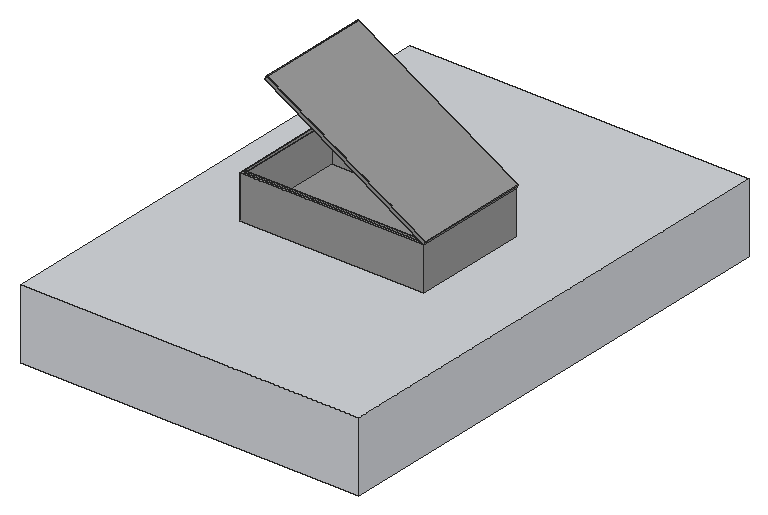
Revit family "Hager-Univers-IP44-D205-H500-Cl.II-Encl-NL-en", category Equipement électrique, Revit 2020
Family settings
  Hôte = Face
  Configuration du panneau = Deux colonnes, circuits au sein
  Cote de connecteur circulaire = Utiliser le diamètre
  Type d'élément = Tableau de raccordement
  Couper avec des vides une fois chargée = Non
  Partagée = Non
  Point de calcul de pièce = Non
Parameters (values of type "Surface mounted (plaster) IP44 W800 H500 D205  - FP33SN2")
  Width Control [instance] = if([EF000008 - Width] > Min Width, [EF000008 - Width], Min Width)  # 800 mm
  Commentaires du type = [HG000003 - Range]  # "Univers"
  Thickness Door [instance] = if([EF009171 - Material plate thickness door/cover] > 3 mm, 3 mm, [EF009171 - Material plate thickness door/cover])  # 1 mm
  Seal Frame Offset [instance] = 17 mm  # constant formula
  Plinth Visibility [instance] = [HG000027 - Plinth height] > 0 mm  # no
  Model = ""
  Min Width [instance] = 100 mm  # constant formula
  Min Height [instance] = 100 mm  # constant formula
  Min Depth [instance] = (2 * [EF009170 - Material plate thickness cabinet]) + 1 mm  # 3 mm
  Internal Frame Depth [instance] = (Door System Depth * 0.5)  # 9 mm
  Height Control [instance] = if([EF000040 - Height] > Min Height, [EF000040 - Height], Min Height)  # 500 mm
  HG000027 - Plinth height = 0 mm
  HG000026 - Floor standing = no
  HG000024 - Bottom section height = 800 mm
  HG000023 - Double section enclosure = no
  HG000016 - Door 3d visibility [instance] = yes
  HG000015 - Clearance visibility [instance] = no
  HG000014 - Door on the right [instance] = yes
  HG000013 - Door on the left [instance] = not([HG000014 - Door on the right])  # no
  HG000012 - Door swing angle [instance] = 30.00°
  HG000010 - Asymmetric doors = no
  HG000009 - Double swing door = no
  HG000006 - Flush mounted = no
  HG000004 - Manufacturer reference = "FP33SN2"
  HG000003 - Range = "Univers"
  HG000002 - With door or cover = yes
  Frame Offset Bottom [instance] = 10 mm  # constant formula
  Frame Offset [instance] = 15 mm  # constant formula
  EF015940 - Cover with overpressure release = no
  EF011959 - Degree of protection (NEMA) = ""
  EF009554 - Number of openings for flange plates = 6
  EF009212 - Cover model = "EV000116 - Closed"
  EF009171 - Material plate thickness door/cover = 1 mm
  EF009170 - Material plate thickness cabinet = 1 mm
  Fabricant = "Hager"  # constant formula
  EF008873 - Nominal current (In) = 250 A
  EF007800 - Suitable for lightning protection = no
  EF006306 - With lock = no
  EF006244 - Transparent cover/door = no
  EF005474 - Degree of protection (IP) = "EV006418 - IP44"
  EF004464 - Type of door = "EV002646 - Single"
  EF004427 - Number of modules = 108
  EF004293 - Impact strength = "EV006815 - IK09"
  EF003532 - Suitable for outdoor use = no
  EF002950 - Width in number of modular spacings = 36
  EF001613 - Circuit integrity = "EV000494 - None"
  EF001596 - Material housing = "EV000179 - Steel"
  EF001131 - Internal depth = 143 mm
  EF001088 - Extension possible = yes
  EF000437 - Number of conduit inlets = 6
  EF000339 - Type of cover = "EV001012 - Cover"
  EF000266 - Number of rows = 3
  EF000218 - Built-in depth = 205 mm
  EF000118 - With mounting plate = no
  EF000116 - RAL-number = "9010"
  EF000049 - Depth = 205 mm
  EF000040 - Height = 500 mm
  EF000008 - Width = 800 mm
  EF000007 - Colour = "EV000202 - White"
  EF000003 - Mounting method = "EV000384 - Surface mounted (plaster)"
  Door System Leaf Tolerance [instance] = 1.5 mm  # constant formula
  Door System Depth [instance] = 18 mm  # constant formula
  Door Height [instance] = Height Control - [HG000027 - Plinth height]  # 500 mm
  Depth Control [instance] = if([EF000049 - Depth] > Min Depth, [EF000049 - Depth], Min Depth)  # 205 mm
  Default Elevation = 0 mm
  Connector Offset [instance] = Height Control / 2  # 250 mm
  Bottom Top Plate Trim [instance] = 1.5 mm  # constant formula
  Plinth height Ctrl [instance] = if([HG000027 - Plinth height] > 0 mm, [HG000027 - Plinth height], 12 mm)  # 12 mm
Types (7, lengths in mm): name | Width Control | HG000009 - Double swing door | HG000004 - Manufacturer reference | EF009554 - Number of openings for flange plates | EF004464 - Type of door | EF004427 - Number of modules | EF002950 - Width in number of modular spacings | EF000437 - Number of conduit inlets | EF000218 - Built-in depth | EF000008 - Width
  Surface mounted (plaster) IP44 W1050 H500 D205  - FP34QS | 1050 | yes | "FP34QS" | 8 | "EV003602 - Double" | 144 | 48 | 8 | 0 | 1050
  Surface mounted (plaster) IP44 W1300 H500 D205  - FP35QS | 1300 | yes | "FP35QS" | 10 | "EV003602 - Double" | 180 | 60 | 10 | 0 | 1300
  Surface mounted (plaster) IP44 W300 H500 D205  - FP31QS | 300 | no | "FP31QS" | 2 | "EV002646 - Single" | 36 | 12 | 2 | 0 | 300
  Surface mounted (plaster) IP44 W550 H500 D205  - FP32QS | 550 | no | "FP32QS" | 4 | "EV002646 - Single" | 72 | 24 | 4 | 0 | 550
  Surface mounted (plaster) IP44 W550 H500 D205  - FP32SN2 | 550 | no | "FP32SN2" | 4 | "EV002646 - Single" | 72 | 24 | 4 | 205 | 550
  Surface mounted (plaster) IP44 W800 H500 D205  - FP33QS | 800 | no | "FP33QS" | 6 | "EV002646 - Single" | 108 | 36 | 6 | 0 | 800
  Surface mounted (plaster) IP44 W800 H500 D205  - FP33SN2 | 800 | no | "FP33SN2" | 6 | "EV002646 - Single" | 108 | 36 | 6 | 205 | 800
Reference planes
  plane 1 "Center (Front/Back)": y = 0
  plane 2: z = 0
  plane 3 "Center (Left/Right)": x = 0
  plane 4: z = 205
  plane 5: y = 1
  plane 6: y = 250
  plane 7: y = 0
  plane 8: y = 500
  plane 9: z = 0
  plane 10: x = -385
  plane 11: x = 385
  plane 12: x = 384
  plane 13: x = -384
  plane 14: y = 499
  plane 15: x = -383
  plane 16: x = -400
  plane 17: x = 383
  plane 18: x = 400
  plane 19: x = 399
  plane 20: x = -399
  plane 21: y = 11
  plane 22: y = 500
  plane 23: y = 484
  plane 24: z = 187
  plane 25: z = 1
  plane 26: z = 186
  plane 27: z = 204
Forms (mm)
  Extrusion 1, solid
    sketch origin (0, 0, 0) x (1, 0, 0) y (0, 1, 0)
      loop
        line (-702.964, 1305) -> (-702.964, -811.445) -> (766.763, -811.445) -> (766.763, 1305) -> (-702.964, 1305)
    from 0 to -304.8
  Extrusion 2, solid, material "Hager_Steel_RAL7035_Light_Grey", visible <- "Plinth Visibility", detail levels medium+fine
    sketch origin (0, 0, 0) x (1, 0, 0) y (0, 1, 0)
      loop
        line (-400, 0) -> (400, 0) -> (400, 12) -> (-400, 12) -> (-400, 0)
    from 0 to 187
  Extrusion 3, solid, material "Hager_Steel_RAL7035_Light_Grey", detail levels medium+fine
    sketch origin (0, 0, 0) x (1, 0, 0) y (0, 1, 0)
      loop
        line (-400, 0) -> (400, 0) -> (400, 500) -> (-400, 500) -> (-400, 0)
    from 0 to 187
  Extrusion 4, void
    sketch origin (0, 0, 0) x (1, 0, 0) y (0, 1, 0)
      loop
        line (-399, 1) -> (399, 1) -> (399, 499) -> (-399, 499) -> (-399, 1)
    from 1 to 186
  Extrusion 5, void
    sketch origin (-381.607, -4572, 187) x (0, -1, 0) y (-1, 0, 0)
      loop
        line (-4583, 2.393) -> (-5056, 2.393) -> (-5056, -765.607) -> (-4583, -765.607) -> (-4583, 2.393)
    from 0 to 1 <- "EF009170 - Material plate thickness cabinet"
  Extrusion 6, solid, material "Hager_Steel_RAL7035_Light_Grey", detail levels fine
    sketch origin (0, 0, 187) x (1, 0, 0) y (0, 1, 0)
      loop
        line (-384, 484) -> (-384, 11) -> (384, 11) -> (384, 484) -> (-384, 484)
      loop
        line (-385, 10) -> (385, 10) -> (385, 485) -> (-385, 485) -> (-385, 10)
    from 0 to 9 <- "Internal Frame Depth"
  Extrusion 7, solid, material "Hager_Steel_RAL7035_Light_Grey", detail levels coarse
    sketch origin (0, 0, 0) x (1, 0, 0) y (0, 1, 0)
      loop
        line (-400, 0) -> (400, 0) -> (400, 500) -> (-400, 500) -> (-400, 0)
    from 0 to 205
  Sweep 8, void
    path in 3D
      loop
        line (-400, 12, 0) -> (400, 12, 0) -> (400, 12, 187) -> (-400, 12, 187) -> (-400, 12, 0)
    profile origin (-400, 12, 93.5) x (-1, 0, 0) y (0, -1, 0)
      loop
        line (0, 0) -> (0, 1.5) -> (-1.5, 1.5)
        arc (-1.5, 1.5) -> (-1.061, 0.439) -> (0, 0) r 1.5
Cuts and joins
  Extrusion 4, Extrusion 5 cuts Extrusion 3
  Sweep 8 cuts Extrusion 2
Lines and regions (mm)
  Masking region 1
    outline origin (0, 0, 0) x (1, 0, 0) y (0, 0, 1)
      loop
        line (-400, 205) -> (-400, 0) -> (400, 0) -> (400, 205) -> (-400, 205)
  Masking region 2, detail levels medium+fine
    outline origin (0, 140, 0) x (0, 1, 0) y (0, 0, 1)
      loop
        line (-140, 0) -> (360, 0) -> (360, 187) -> (-140, 187) -> (-140, 0)
  Masking region 3, not visible, detail levels medium+fine
    outline origin (0, 297.922, 0) x (0, 1, 0) y (0, 0, 1)
      loop
        line (-36.422, 0) -> (3.578, 0) -> (3.578, 194)
        arc (3.578, 194) -> (0.649, 201.071) -> (-6.422, 204) r 10
        line (-6.422, 204) -> (-36.422, 204) -> (-36.422, 0)
  Masking region 4, detail levels coarse
    outline origin (0, 0, 180) x (0, 1, 0) y (0, 0, 1)
      loop
        line (0, -180) -> (500, -180) -> (500, 25) -> (0, 25) -> (0, -180)
  Masking region 5, visible <- "Plinth Visibility", detail levels medium+fine
    outline origin (0, 52.24, 12.345) x (0, 0, -1) y (0, 1, 0)
      loop
        line (10.845, -40.24) -> (-173.155, -40.24)
        arc (-173.155, -40.24) -> (-173.594, -41.301) -> (-174.655, -41.74) r 1.5
        line (-174.655, -41.74) -> (-174.655, -52.24) -> (12.345, -52.24) -> (12.345, -41.74)
        arc (12.345, -41.74) -> (11.285, -41.301) -> (10.845, -40.24) r 1.5
  Masking region 6, detail levels medium+fine
    outline origin (-381.607, -4572, 187) x (-1, 0, 0) y (0, -1, 0)
      loop
        line (18.393, -5072) -> (18.393, -4572) -> (-781.607, -4572) -> (-781.607, -5072) -> (18.393, -5072)
  Masking region 7, visible <- "Plinth Visibility", detail levels medium+fine
    outline origin (-381.607, -4727, 187) x (-1, 0, 0) y (0, -1, 0)
      loop
        arc (16.893, -4739) -> (17.332, -4737.939) -> (18.393, -4737.5) r 1.5
        line (18.393, -4737.5) -> (18.393, -4727) -> (-781.607, -4727) -> (-781.607, -4737.5)
        arc (-781.607, -4737.5) -> (-780.546, -4737.939) -> (-780.107, -4739) r 1.5
        line (-780.107, -4739) -> (16.893, -4739)
  Masking region 8, detail levels coarse
    outline origin (-442.548, -4669.526, 187) x (-1, 0, 0) y (0, -1, 0)
      loop
        line (-42.548, -5169.526) -> (-42.548, -4669.526) -> (-842.548, -4669.526) -> (-842.548, -5169.526) -> (-42.548, -5169.526)
  sketch lines
    curve 1: line (-400, 12, 187) -> (-400, 12, 0)
    curve 2: line (400, 12, 187) -> (-400, 12, 187)
    curve 3: line (400, 12, 187) -> (400, 12, 0)
    curve 4: line (-400, 12, 0) -> (400, 12, 0)
Dimensions and locks
  "Depth Control": plane 4 to Extrusion 1
  "HG000027 - Plinth height": plane 1 "Center (Front/Back)" to plane 7
  "EF009170 - Material plate thickness cabinet": plane 5 to plane 7
  locked: connector elem to plane 3 "Center (Left/Right)"
  equal spacing: plane 8, plane 6, plane 7
  locked: connector elem to plane 6
  "EF009170 - Material plate thickness cabinet": plane 8 to plane 14
  "EF009170 - Material plate thickness cabinet": plane 10 to plane 13
  "EF009170 - Material plate thickness cabinet": plane 12 to plane 11
  "Frame Offset": plane 20 to plane 13
  "Frame Offset": plane 12 to plane 19
  "EF009170 - Material plate thickness cabinet": plane 16 to plane 20
  "EF009170 - Material plate thickness cabinet": plane 19 to plane 18
  "Seal Frame Offset": plane 16 to plane 15
  "Seal Frame Offset": plane 17 to plane 18
  "Frame Offset Bottom": plane 21 to plane 5
  "Frame Offset": plane 14 to plane 23
  equal spacing: plane 16, plane 3 "Center (Left/Right)", plane 18
  "Width Control": plane 16 to plane 18
  "EF009170 - Material plate thickness cabinet": plane 4 to plane 27
  "EF009170 - Material plate thickness cabinet": plane 24 to plane 26
  "EF009170 - Material plate thickness cabinet": plane 25 to level
  "Door System Depth": plane 4 to plane 24
  "Height Control": plane 1 "Center (Front/Back)" to Extrusion 7 sketch curve
  "Height Control": Masking region 4 sketch curve to plane 1 "Center (Front/Back)"
  "Height Control": plane 1 "Center (Front/Back)" to plane 22
  "Bottom Top Plate Trim": profile plane to Sweep 8 sketch curve
  "Bottom Top Plate Trim": Sweep 8 sketch curve to profile plane
  "Plinth height Ctrl": plane 1 "Center (Front/Back)" to Extrusion 2 sketch curve
  "Plinth height Ctrl": Masking region 5 sketch curve to plane 1 "Center (Front/Back)"
  "Plinth height Ctrl": plane 1 "Center (Front/Back)" to Masking region 7 sketch curve
  "Thickness Door": Extrusion 6 sketch curve to Extrusion 6 sketch curve  (x3)
  "Thickness Door": cut or joined group of Extrusion 3, Extrusion 4, Extrusion 5 to Extrusion 6 sketch curve
  radius of Masking region 3 sketch curve = 10 mm
  "Bottom Top Plate Trim": radius of Masking region 5 sketch curve  (x2)
  "Bottom Top Plate Trim": radius of Sweep 8 sketch curve
  "Bottom Top Plate Trim": radius of Masking region 7 sketch curve  (x2)
  aligned and locked: plane 2 to Extrusion 1
  aligned and locked: level to Extrusion 1
  aligned and locked: level to Masking region 1 sketch curve
  aligned and locked: Masking region 1 sketch curve to plane 18
  aligned and locked: Masking region 1 sketch curve to plane 16
  aligned and locked: plane 7 to Masking region 2 sketch curve
  aligned and locked: level to Masking region 3 sketch curve
  aligned and locked: Masking region 3 sketch curve to plane 27
  aligned and locked: level to Masking region 2 sketch curve
  aligned and locked: plane 1 "Center (Front/Back)" to Extrusion 2 sketch curve
  aligned and locked: Extrusion 3 sketch curve to plane 7
  aligned and locked: plane 16 to Extrusion 3 sketch curve
  aligned and locked: plane 18 to Extrusion 3 sketch curve
  aligned and locked: plane 20 to Extrusion 4 sketch curve
  aligned and locked: plane 19 to Extrusion 4 sketch curve
  aligned and locked: Extrusion 4 sketch curve to plane 5
  aligned and locked: Extrusion 4 to plane 25
  aligned and locked: plane 26 to Extrusion 4
  aligned and locked: plane 24 to Extrusion 3
  aligned and locked: Extrusion 5 sketch curve to plane 21
  aligned and locked: Extrusion 5 sketch curve to plane 13
  aligned and locked: Extrusion 5 sketch curve to plane 12
  aligned and locked: plane 18 to Extrusion 7 sketch curve
  aligned and locked: plane 1 "Center (Front/Back)" to Extrusion 7 sketch curve
  aligned and locked: plane 16 to Extrusion 7 sketch curve
  aligned and locked: plane 4 to Extrusion 7
  aligned and locked: Extrusion 7 to level
  aligned and locked: level to Masking region 4 sketch curve
  aligned and locked: Masking region 4 sketch curve to plane 1 "Center (Front/Back)"
  aligned and locked: Masking region 4 sketch curve to plane 4
  aligned and locked: nested 1 to level
  aligned and locked: nested 1 to plane 16
  aligned and locked: plane 8 to Extrusion 3 sketch curve
  aligned and locked: plane 23 to Extrusion 5 sketch curve
  aligned and locked: plane 14 to Extrusion 4 sketch curve
  aligned and locked: Masking region 2 sketch curve to plane 8
  aligned and locked: level to Masking region 5 sketch curve
  aligned and locked: plane 16 to Extrusion 2 sketch curve
  aligned and locked: plane 18 to Extrusion 2 sketch curve
  aligned and locked: Masking region 5 sketch curve to plane 24
  aligned and locked: Masking region 2 sketch curve to plane 24
  aligned and locked: plane 24 to Extrusion 2
  aligned and locked: profile plane to Sweep 8 sketch curve  (x2)
  aligned and locked: Masking region 6 sketch curve to plane 18
  aligned and locked: Masking region 6 sketch curve to plane 22
  aligned and locked: Masking region 6 sketch curve to plane 16
  aligned and locked: plane 8 to plane 22
  aligned and locked: Masking region 6 sketch curve to plane 7
  aligned and locked: Masking region 7 sketch curve to plane 16
  aligned and locked: Masking region 7 sketch curve to plane 1 "Center (Front/Back)"
  aligned and locked: Masking region 7 sketch curve to plane 18
  aligned and locked: Masking region 8 sketch curve to plane 1 "Center (Front/Back)"
  aligned and locked: Masking region 8 sketch curve to plane 18
  aligned and locked: Masking region 8 sketch curve to plane 22
  aligned and locked: Masking region 8 sketch curve to plane 16
  aligned and locked: nested 2 to plane 7
  aligned and locked: plane 3 "Center (Left/Right)" to nested 2
  aligned and locked: nested 2 to plane 24
  aligned and locked: Extrusion 6 sketch curve to cut or joined group of Extrusion 3, Extrusion 4, Extrusion 5  (x4)
Automatic sketch dimensions
  Extrusion 1 sketch curve to Extrusion 1 sketch curve = 1469.727 mm
  Extrusion 1 sketch curve to Extrusion 1 sketch curve = 2116.445 mm
  Masking region 1 sketch curve to plane 4 = 0 mm
  plane 6 to Masking region 3 sketch curve = 11.5 mm
  Masking region 3 sketch curve to Masking region 3 sketch curve = 30 mm
  Masking region 5 sketch curve to plane 1 "Center (Front/Back)" = 0 mm
Nested families
  nested 1: "Hager_Enclosure_Symbol" at (-400, 0, 0) x (1, 0, 0) z (0, -1, 0), Height <- "Depth Control", Width <- "Width Control", type "Hager_Enclosure_Symbol"
    with Width_Ctrl 800 mm, Width 800 mm, Height_Ctrl 205 mm, Height 205 mm, A_Width_Int 13.453 mm, A_Width 161.438 mm, A_Height_Ctrl 179.375 mm, A_Height 179.375 mm
  nested 2: "EC000058_Univers_Door" at (0, 0, 187) x (1, 0, 0) z (0, 1, 0), Leaf_Tolerance <- "Door System Leaf Tolerance", Angle <- "HG000012 - Door swing angle", Door_Depth <- "Door System Depth", Door_Left <- "HG000013 - Door on the left", Transparent <- "EF006244 - Transparent cover/door", Assymetrical <- "HG000010 - Asymmetric doors", Width <- "Width Control", Clearance <- "HG000015 - Clearance visibility", Double <- "HG000009 - Double swing door", 3d_Door <- "HG000016 - Door 3d visibility", Lock_Visibility <- "EF006306 - With lock", Width_Ctrl <- "Width Control", Door_Right <- "HG000014 - Door on the right", Door <- "HG000002 - With door or cover", Height <- "Door Height", Thickness <- "Thickness Door", type "EC000058_Univers_Door", detail levels medium+fine
    with min_wh 3 mm, Width_Ctrl 800 mm, Width 800 mm, Transparent no, Thickness 1 mm, Seal_Material Hager_Rubber, Lock_Visibility no, Lock_Material Hager_Plastic_RAL9005_Jet_Black, Leaf_Width 800 mm, Leaf_Tolerance_External_Sides 0 mm, Leaf_Tolerance 1.5 mm, Leaf_Offset 0 mm, Leaf_Height 497 mm, Leaf_2_Width 800 mm, Leaf_2_Offset 400 mm, Leaf_1_Width 800 mm, Leaf_1_Offset 400 mm, Height_Ctrl 500 mm, Height 500 mm, Glass_Material Hager_Glass, Double_Clearance_Ctrl no, Double no, Door_Right_Ctrl yes, Door_Right yes, Door_Material Hager_Steel_RAL7035_Light_Grey, Door_Left_Ctrl no, Door_Left no, Door_Depth 18 mm, Door yes, Clearance_Material Hager_Clearance, Clearance_Depth 800 mm, Clearance_Ctrl no, Clearance no, Assymetrical no, Angle 30.00°, 3d_Door yes
Connectors
  electrical at (0, 250, 0)
    settings: on plane 9, index 1, voltage 0 V, apparent load 0 VA, apparent load phase1 0 VA, apparent load phase2 0 VA, apparent load phase3 0 VA, power factor 1, load classification "Other", number of poles 1, system type 30, power factor state 1, is connector primary yes, connector utility no, sub classification motor no, connector description ""
Definition of nested family "EC000058_Univers_Door"
  Parameters (values of type "EC000058_Univers_Door")
    min_wh [instance] = (2 * Thickness) + 1 mm  # 11 mm
    Width_Ctrl [instance] = 400 mm
    Width [instance] = 500 mm
    Transparent [instance] = yes
    Thickness [instance] = 5 mm
    Seal_Material [instance] = none
    Lock_Visibility [instance] = yes
    Lock_Material [instance] = none
    Leaf_Width [instance] = if((Width_Ctrl - 2 * Leaf_Tolerance_External_Sides) > 0 mm, (Width_Ctrl - 2 * Leaf_Tolerance_External_Sides), min_wh)  # 400 mm
    Leaf_Tolerance_External_Sides [instance] = 0 mm  # constant formula
    Leaf_Tolerance [instance] = 1.5 mm
    Leaf_Offset [instance] = 0 mm  # constant formula
    Leaf_Height [instance] = if((Height_Ctrl - 2 * Leaf_Tolerance) > 0 mm, (Height_Ctrl - 2 * Leaf_Tolerance), min_wh)  # 497 mm
    Leaf_2_Width [instance] = if(and(and(Double, Assymetrical), Door_Left), (Leaf_Width / 3) - (Leaf_Tolerance / 2), if(and(and(Double, Assymetrical), Door_Right), (Leaf_Width / 3) * 2 - (Leaf_Tolerance / 2), if(and(Double, not(Assymetrical)), (Leaf_Width / 2) - Leaf_Tolerance, Leaf_Width)))  # 400 mm
    Leaf_2_Offset [instance] = if(and(Double, Assymetrical), Leaf_2_Width / 2, if(and(Double, not(Assymetrical)), Leaf_Width / 4, Leaf_Width / 2))  # 200 mm
    Leaf_1_Width [instance] = if(and(and(Double, Assymetrical), Door_Right), (Leaf_Width / 3) - (Leaf_Tolerance / 2), if(and(and(Double, Assymetrical), Door_Left), (Width / 3) * 2 - (Leaf_Tolerance / 2), if(and(Double, not(Assymetrical)), (Leaf_Width / 2) - Leaf_Tolerance, Leaf_Width)))  # 400 mm
    Leaf_1_Offset [instance] = if(and(Double, Assymetrical), Leaf_1_Width / 2, if(and(Double, not(Assymetrical)), Leaf_Width / 4, Leaf_Width / 2))  # 200 mm
    Height_Ctrl [instance] = if(Height > min_wh, Height, min_wh)  # 500 mm
    Height [instance] = 500 mm
    Glass_Material [instance] = none
    Double_Clearance_Ctrl [instance] = and(Double, Clearance)  # no
    Double [instance] = no
    Door_Right_Ctrl [instance] = and(or(Door_Right, Double), Door)  # yes
    Door_Right [instance] = yes
    Door_Material [instance] = none
    Door_Left_Ctrl [instance] = and(or(Door_Left, Double), Door)  # no
    Door_Left [instance] = no
    Door_Depth [instance] = 30 mm
    Door [instance] = yes
    Default Elevation = 1219.2 mm
    Clearance_Material [instance] = none
    Clearance_Depth [instance] = if(Leaf_1_Width > Leaf_2_Width, Leaf_1_Width, Leaf_2_Width)  # 400 mm
    Clearance_Ctrl [instance] = and(not(Double), Clearance)  # yes
    Clearance [instance] = yes
    Assymetrical [instance] = yes
    Angle [instance] = 30.00°
    3d_Door [instance] = yes
  Reference planes
    plane 1 "Center (Front/Back)": y = 0
    plane 2 "Bottom": z = 0
    plane 3 "Center (Left/Right)": x = 0
    plane 4: z = 500
    plane 5: x = -200
    plane 6: x = 200
    plane 7: z = 500
    plane 8: x = -200
    plane 9: z = 0
    plane 10: x = 200
    plane 11: y = 0
    plane 12: z = 1.5
    plane 13: x = -600
    plane 14: y = -400
    plane 15: x = 600
    plane 16: x = 0
    plane 17: x = 0
    plane 18: x = -200
    plane 19: x = 200
    plane 20: z = 498.5
  Forms (mm)
    Extrusion 1, solid, material <- "Clearance_Material", visible <- "Double_Clearance_Ctrl"
      sketch origin (1200, 0, 0) x (1, 0, 0) y (0, 0, -1)
        loop
          line (-1800, -498.5) -> (-600, -498.5) -> (-600, 0) -> (-1800, 0) -> (-1800, -498.5)
      from 0 to -400
  Dimensions and locks
    equal spacing: plane 5, plane 3 "Center (Left/Right)", plane 6
    "Width_Ctrl": plane 5 to plane 6
    "Leaf_Offset": plane 5 to plane 8
    "Leaf_Offset": plane 6 to plane 10
    "Leaf_Offset": plane 9 to level
    "Leaf_Offset": plane 4 to plane 7
    "Height_Ctrl": plane 4 to level
    "Leaf_Tolerance": plane 12 to plane 9
    locked: plane 11 to plane 1 "Center (Front/Back)"
    "Leaf_1_Offset": plane 18 to plane 16
    "Leaf_2_Offset": plane 17 to plane 19
    "Leaf_1_Width": plane 13 to plane 8
    "Leaf_2_Width": plane 10 to plane 15
    "Clearance_Depth": plane 14 to plane 1 "Center (Front/Back)"
    "Leaf_Tolerance_External_Sides": plane 8 to plane 18
    "Leaf_Tolerance_External_Sides": plane 19 to plane 10
    "Leaf_Tolerance": plane 7 to plane 20
    aligned and locked: level to plane 2 "Bottom"
    aligned and locked: nested 1 to plane 16
    aligned and locked: nested 2 to plane 17
    aligned and locked: Extrusion 1 to plane 13
    aligned and locked: plane 15 to Extrusion 1
    aligned and locked: Extrusion 1 to plane 14
    aligned and locked: plane 12 to nested 1
    aligned and locked: nested 2 to plane 12
    aligned and locked: Extrusion 1 to plane 11
    aligned and locked: plane 20 to Extrusion 1
    aligned and locked: nested 2 to plane 11
    aligned and locked: nested 1 to plane 11
  Automatic sketch dimensions
    Extrusion 1 sketch curve to level = 0 mm
    plane 5 to Extrusion 1 sketch curve = 400 mm
    plane 6 to Extrusion 1 sketch curve = 400 mm
    Extrusion 1 sketch curve to plane 4 = 1.5 mm
  Nested families
    nested 1: "EC000058_Univers_Door_Leaf" at (0, 0, 1.5), Width <- "Leaf_1_Width", visible <- "Door_Left_Ctrl", Leaf_Height <- "Leaf_Height", Angle <- "Angle", 3d_Door <- "3d_Door", Transparent <- "Transparent", Clearance Material <- "Clearance_Material", Clearance <- "Clearance_Ctrl", Door_Material <- "Door_Material", Glass_Material <- "Glass_Material", Door_Depth <- "Door_Depth", Lock_Material <- "Lock_Material", Seal_Material <- "Seal_Material", Lock_Visibility <- "Lock_Visibility", Thickness <- "Thickness", type "EC000058_Univers_Door_Leaf"
      with Width 400 mm, Transparent_Glass_Offset 30 mm, Transparent_Ctrl yes, Transparent yes, Thickness 5 mm, Standard no, Seal_Material none, Seal_D2 8 mm, Seal_D1 1 mm, Offset_Internal_Frame 10 mm, Lock_Width 20 mm, Lock_Visibility_3d yes, Lock_Visibility yes, Lock_Thickness_3 3 mm, Lock_Thickness_2 1 mm, Lock_Thickness_1 3 mm, Lock_Radius_Offset_2 16 mm, Lock_Radius_Offset_1 15 mm, Lock_Radius_2 5 mm, Lock_Radius 6 mm, Lock_Offset 5 mm, Lock_Material none, Lock_Height 80 mm, Lock_Cover_Top_Offset_2d 17 mm, Lock_Cover_Height -65 mm, Leaf_Height 497 mm, Internal_Seal_Thickness 8 mm, Internal_Seal_Depth_2 4.5 mm, Internal_Frame_Depth 25 mm, Glass_Thickness -1 mm, Glass_Offset -2 mm, Glass_Material none, Door_Material none, Door_Depth 30 mm, Clearance Material none, Clearance yes, Angle_Ctrl 30.00°, Angle 30.00°, 3d_Door yes
    nested 2: "EC000058_Univers_Door_Leaf" at (0, 0, 1.5) x (-1, 0, 0) z (0, 0, 1), Width <- "Leaf_2_Width", visible <- "Door_Right_Ctrl", Leaf_Height <- "Leaf_Height", Angle <- "Angle", 3d_Door <- "3d_Door", Transparent <- "Transparent", Clearance Material <- "Clearance_Material", Clearance <- "Clearance_Ctrl", Door_Material <- "Door_Material", Glass_Material <- "Glass_Material", Door_Depth <- "Door_Depth", Lock_Material <- "Lock_Material", Seal_Material <- "Seal_Material", Lock_Visibility <- "Lock_Visibility", Thickness <- "Thickness", type "EC000058_Univers_Door_Leaf"
      with Width 400 mm, Transparent_Glass_Offset 30 mm, Transparent_Ctrl yes, Transparent yes, Thickness 5 mm, Standard no, Seal_Material none, Seal_D2 8 mm, Seal_D1 1 mm, Offset_Internal_Frame 10 mm, Lock_Width 20 mm, Lock_Visibility_3d yes, Lock_Visibility yes, Lock_Thickness_3 3 mm, Lock_Thickness_2 1 mm, Lock_Thickness_1 3 mm, Lock_Radius_Offset_2 16 mm, Lock_Radius_Offset_1 15 mm, Lock_Radius_2 5 mm, Lock_Radius 6 mm, Lock_Offset 5 mm, Lock_Material none, Lock_Height 80 mm, Lock_Cover_Top_Offset_2d 17 mm, Lock_Cover_Height -65 mm, Leaf_Height 497 mm, Internal_Seal_Thickness 8 mm, Internal_Seal_Depth_2 4.5 mm, Internal_Frame_Depth 25 mm, Glass_Thickness -1 mm, Glass_Offset -2 mm, Glass_Material none, Door_Material none, Door_Depth 30 mm, Clearance Material none, Clearance yes, Angle_Ctrl 30.00°, Angle 30.00°, 3d_Door yes
  Definition of nested family "EC000058_Univers_Door_Leaf"
    Parameters (values of type "EC000058_Univers_Door_Leaf")
      Width [instance] = 2000 mm
      Transparent_Glass_Offset [instance] = 30 mm
      Transparent_Ctrl [instance] = and(Transparent, [3d_Door])  # yes
      Transparent [instance] = yes
      Thickness [instance] = 5 mm
      Standard [instance] = and(not(Transparent), [3d_Door])  # no
      Seal_Material [instance] = none
      Seal_D2 [instance] = 8 mm  # constant formula
      Seal_D1 [instance] = 1 mm  # constant formula
      Offset_Internal_Frame [instance] = 10 mm  # constant formula
      Lock_Width [instance] = 20 mm  # constant formula
      Lock_Visibility_3d [instance] = and(Lock_Visibility, [3d_Door])  # yes
      Lock_Visibility [instance] = yes
      Lock_Thickness_3 [instance] = 3 mm  # constant formula
      Lock_Thickness_2 [instance] = 1 mm  # constant formula
      Lock_Thickness_1 [instance] = 3 mm  # constant formula
      Lock_Radius_Offset_2 [instance] = Lock_Radius_Offset_1 + 1 mm  # 16 mm
      Lock_Radius_Offset_1 [instance] = 15 mm  # constant formula
      Lock_Radius_2 [instance] = Lock_Radius - 1 mm  # 5 mm
      Lock_Radius [instance] = 6 mm  # constant formula
      Lock_Offset [instance] = 5 mm  # constant formula
      Lock_Material [instance] = none
      Lock_Height [instance] = 80 mm  # constant formula
      Lock_Cover_Top_Offset_2d [instance] = Lock_Radius_Offset_2 + 1 mm  # 17 mm
      Lock_Cover_Height [instance] = -(Lock_Height - Lock_Radius_Offset_1)  # -65 mm
      Leaf_Height [instance] = 2720.336 mm
      Internal_Seal_Thickness [instance] = 8 mm  # constant formula
      Internal_Seal_Depth_2 [instance] = 4.5 mm  # constant formula
      Internal_Frame_Depth [instance] = if(Door_Depth - Thickness > 5 mm, Door_Depth - Thickness, 5 mm)  # 25 mm
      Glass_Thickness [instance] = if(Thickness > 15 mm, Glass_Offset + 10 mm, -1 mm)  # -1 mm
      Glass_Offset [instance] = if(Thickness > 15 mm, -(Thickness + 10 mm) / 2, -2 mm)  # -2 mm
      Glass_Material [instance] = none
      Door_Material [instance] = none
      Door_Depth [instance] = 30 mm
      Default Elevation = 0 mm
      Clearance Material [instance] = none
      Clearance [instance] = yes
      Angle_Ctrl [instance] = if(Angle > 180.00°, 180.00°, Angle)  # 90.00°
      Angle [instance] = 90.00°
      3d_Door [instance] = yes
    Reference planes
      plane 1 "Center (Front/Back)": y = 0
      plane 2: z = 0
      plane 3 "Center (Left/Right)": x = 0
      plane 4: y = 2000
      plane 5: x = -1000
      plane 6: x = 1000
      plane 7: x = -3000
      plane 8: z = 2720.336
      plane 9: z = 30
      plane 10: z = 2690.336
      plane 11: x = 970
      plane 12: x = -970
      plane 13: y = -3
      plane 14: z = 107.833
      plane 15: y = -5
      plane 16: y = -223.314
      plane 17: x = -1000
      plane 18: z = 1360.168
      plane 19: y = 30
    Forms (mm)
      Extrusion 1, solid, material <- "Clearance Material", visible <- "Clearance"
        sketch origin (0, 0, 0) x (1, 0, 0) y (0, 0, 1)
          loop
            line (-3000, 2720.336) -> (-3000, 0) -> (1000, 0) -> (1000, 2720.336) -> (-3000, 2720.336)
        from 0 to -2000
      Extrusion 2, solid, material <- "Door_Material", visible <- "Standard", detail levels medium+fine
        sketch origin (-1000, 0, 0) x (0, 1, 0) y (-1, 0, 0)
          loop
            line (0, 30) -> (0, 25) -> (2000, 25) -> (2000, 30) -> (0, 30)
        from 0 to 2720.336 <- "Leaf_Height"
      Extrusion 3, solid, material <- "Door_Material", visible <- "Transparent_Ctrl", detail levels medium+fine
        sketch origin (-1000, 0, 0) x (0, 1, 0) y (-1, 0, 0)
          loop
            line (0, 25) -> (2000, 25) -> (2000, 30) -> (0, 30) -> (0, 25)
        from 0 to 2720.336 <- "Leaf_Height"
      Extrusion 4, void
        sketch origin (-1025, 2000, 0) x (0, 1, 0) y (0, 0, -1)
          loop
            line (-30, -2690.336) -> (-30, -30) -> (-1970, -30) -> (-1970, -2690.336) -> (-30, -2690.336)
        from 0 to 5 <- "Thickness"
      Sweep 5, solid, material <- "Seal_Material", visible <- "Transparent_Ctrl", detail levels fine
        path in 3D
          loop
            line (-1025, 30, 30) -> (-1025, 30, 2690.336) -> (-1025, 1970, 2690.336) -> (-1025, 1970, 30) -> (-1025, 30, 30)
        profile origin (-1025, 1000, 30) x (1, 0, 0) y (0, 0, 1)
          loop
            line (0, 0) -> (0, -8) -> (1, -8) -> (1, 0) -> (0, 0)
      Extrusion 6, solid, material <- "Glass_Material", visible <- "Transparent_Ctrl", detail levels medium+fine
        sketch origin (-1030, 0, 0) x (0, 1, 0) y (0, 0, -1)
          loop
            line (1970, -2690.336) -> (1970, -30) -> (30, -30) -> (30, -2690.336) -> (1970, -2690.336)
        from -2 <- "Glass_Offset" to -1 <- "Glass_Thickness"
      Extrusion 7, solid, material <- "Door_Material", visible <- "3d_Door", detail levels medium+fine
        sketch origin (-1025, 2000, 0) x (0, -1, 0) y (0, 0, -1)
          loop
            line (0, -2720.336) -> (2000, -2720.336) -> (2000, 0) -> (0, 0) -> (0, -2720.336)
          loop
            line (1995, -5) -> (5, -5) -> (5, -2715.336) -> (1995, -2715.336) -> (1995, -5)
        from 0 to 25 <- "Internal_Frame_Depth"
      Sweep 8, solid, material <- "Seal_Material", visible <- "Transparent_Ctrl", detail levels fine
        path in 3D
          loop
            line (-1025, 0, 0) -> (-1025, 2000, 0) -> (-1025, 2000, 2720.336) -> (-1025, 0, 2720.336) -> (-1025, 0, 0)
        profile origin (-1025, 0, 1360.168) x (1, 0, 0) y (0, 1, 0)
          loop
            line (0, 10) -> (2.975, 10)
            arc (2.975, 10) -> (4.053, 10.447) -> (4.5, 11.525) r 1.525
            line (4.5, 11.525) -> (4.5, 16.527)
            arc (4.5, 16.527) -> (4.069, 17.569) -> (3.027, 18) r 1.473
            line (3.027, 18) -> (0, 18) -> (0, 10)
      Extrusion 9, solid, material <- "Lock_Material", visible <- "Lock_Visibility_3d", detail levels fine
        sketch origin (-1030, 0, 0) x (0, 1, 0) y (0, 0, -1)
          loop
            arc (1993.5, -1400.168) -> (1994.561, -1399.729) -> (1995, -1398.668) r 1.5
            line (1995, -1398.668) -> (1995, -1320.168) -> (1975, -1320.168) -> (1975, -1398.668)
            arc (1975, -1398.668) -> (1975.439, -1399.729) -> (1976.5, -1400.168) r 1.5
            line (1976.5, -1400.168) -> (1993.5, -1400.168)
        from 3 <- "Lock_Thickness_1" to 0
      Blend 10, solid, material <- "Lock_Material", visible <- "Lock_Visibility_3d", detail levels fine
        base sketch origin (-1033, 0, 0) x (0, 1, 0) y (0, 0, -1)
          loop
            line (1975, -1320.168) -> (1975, -1398.668)
            arc (1975, -1398.668) -> (1975.439, -1399.729) -> (1976.5, -1400.168) r 1.5
            line (1976.5, -1400.168) -> (1993.5, -1400.168)
            arc (1993.5, -1400.168) -> (1994.561, -1399.729) -> (1995, -1398.668) r 1.5
            line (1995, -1398.668) -> (1995, -1320.168) -> (1975, -1320.168)
        top sketch origin (-1033, 0, 0) x (0, 1, 0) y (0, 0, -1)
          loop
            line (1976, -1320.168) -> (1976, -1398.668)
            arc (1976, -1398.668) -> (1976.146, -1399.022) -> (1976.5, -1399.168) r 0.5
            line (1976.5, -1399.168) -> (1993.5, -1399.168)
            arc (1993.5, -1399.168) -> (1993.854, -1399.022) -> (1994, -1398.668) r 0.5
            line (1994, -1398.668) -> (1994, -1320.168) -> (1976, -1320.168)
        from 0 to 1 <- "Lock_Thickness_2"
      Blend 11, solid, material <- "Lock_Material", visible <- "Lock_Visibility_3d", detail levels fine
        base sketch origin (-1034, 0, 0) x (0, 1, 0) y (0, 0, -1)
          loop
            line (1978, -1320.168) -> (1978, -1384.168)
            arc (1978, -1384.168) -> (1985, -1391.168) -> (1992, -1384.168) r 7
            line (1992, -1384.168) -> (1992, -1320.168) -> (1978, -1320.168)
        top sketch origin (-1034, 0, 0) x (0, 1, 0) y (0, 0, -1)
          loop
            line (1991, -1320.168) -> (1979, -1320.168) -> (1979, -1383.168)
            arc (1979, -1383.168) -> (1985, -1389.168) -> (1991, -1383.168) r 6
            line (1991, -1383.168) -> (1991, -1320.168)
        from 0 to 3 <- "Lock_Thickness_3"
      Extrusion 12, solid, material <- "Lock_Material", visible <- "Lock_Visibility_3d", detail levels fine
        sketch origin (-1030, 1975, 1320.168) x (1, 0, 0) y (0, -1, 0)
          loop
            line (-7, -19) -> (-7, -1) -> (0, -1) -> (0, 0) -> (-8, 0) -> (-8, -20) -> (0, -20) -> (0, -19) -> (-7, -19)
        from 0 to -65 <- "Lock_Cover_Height"
      Extrusion 13, void
        sketch origin (-1038, 1995, 1320.168) x (-1, 0, 0) y (0, 0, -1)
          loop
            line (-5, -65) -> (0, -65) -> (-5, -60) -> (-5, -65)
        from 0 to 20 <- "Lock_Width"
      Extrusion 14, void
        sketch origin (-1038, 1975, 1320.168) x (0, -1, 0) y (0, 0, -1)
          loop
            circle (-10, -15.995) r 6
          loop
            circle (-10, -15.995) r 5
        from 0 to 2
      Extrusion 15, solid, material <- "Lock_Material", visible <- "Lock_Visibility_3d", detail levels medium
        sketch origin (-1030, 0, 0) x (0, 1, 0) y (0, 0, -1)
          loop
            arc (1993.5, -1400.168) -> (1994.561, -1399.729) -> (1995, -1398.668) r 1.5
            line (1995, -1398.668) -> (1995, -1320.168) -> (1975, -1320.168) -> (1975, -1398.668)
            arc (1975, -1398.668) -> (1975.439, -1399.729) -> (1976.5, -1400.168) r 1.5
            line (1976.5, -1400.168) -> (1993.5, -1400.168)
        from 8 to 0
    Cuts and joins
      Extrusion 4 cuts Extrusion 3
      Extrusion 13, Extrusion 14 cuts Extrusion 9
      Extrusion 14 cuts Blend 11
      Extrusion 13, Extrusion 14 cuts Extrusion 12
      joined: Extrusion 9, Blend 10, Blend 11, Extrusion 12
      Extrusion 14 cuts Extrusion 15
    Lines and regions (mm)
      Masking region 1, visible <- "Lock_Visibility", detail levels fine
        outline origin (0, 0, 0) x (0, 1, 0) y (0, 0, 1)
          loop
            line (30, 1320.168) -> (33, 1320.168) -> (33, 1400.168) -> (30, 1400.168) -> (30, 1320.168)
      Masking region 2, visible <- "Lock_Visibility", detail levels fine
        outline origin (0, 3.143, 0) x (0, 1, 0) y (0, 0, 1)
          loop
            line (29.857, 1354.168) -> (30.857, 1354.168) -> (30.857, 1366.168) -> (29.857, 1366.168) -> (29.857, 1354.168)
      Masking region 3, detail levels medium+fine
        outline origin (0, 0, 0) x (0, 1, 0) y (0, 0, 1)
          loop
            line (0, 0) -> (30, 0) -> (30, 2720.336) -> (0, 2720.336) -> (0, 0)
      Masking region 4, detail levels medium+fine
        outline origin (0, 0, 0) x (1, 0, 0) y (0, 0, 1)
          loop
            line (-1000, 2720.336) -> (-1000, 0) -> (1000, 0) -> (1000, 2720.336) -> (-1000, 2720.336)
      Masking region 5, visible <- "Lock_Visibility", detail levels fine
        outline origin (-47.116, 0, 0) x (1, 0, 0) y (0, 0, 1)
          loop
            arc (1024.616, 1399.168) -> (1023.556, 1398.729) -> (1023.116, 1397.668) r 1.5
            line (1023.116, 1397.668) -> (1023.116, 1320.168) -> (1041.116, 1320.168) -> (1041.116, 1397.668)
            arc (1041.116, 1397.668) -> (1040.677, 1398.729) -> (1039.616, 1399.168) r 1.5
            line (1039.616, 1399.168) -> (1024.616, 1399.168)
      Masking region 6, visible <- "Lock_Visibility", detail levels medium+fine
        outline origin (-25, 0, 0) x (1, 0, 0) y (0, 0, 1)
          loop
            arc (1001.5, 1400.168) -> (1000.439, 1399.729) -> (1000, 1398.668) r 1.5
            line (1000, 1398.668) -> (1000, 1320.168) -> (1020, 1320.168) -> (1020, 1398.668)
            arc (1020, 1398.668) -> (1019.561, 1399.729) -> (1018.5, 1400.168) r 1.5
            line (1018.5, 1400.168) -> (1001.5, 1400.168)
      Masking region 7, visible <- "Lock_Visibility", detail levels fine
        outline origin (-73.735, 0, 0) x (1, 0, 0) y (0, 0, 1)
          loop
            line (1051.735, 1382.168) -> (1065.735, 1382.168) -> (1065.735, 1384.168)
            arc (1065.735, 1384.168) -> (1058.735, 1391.168) -> (1051.735, 1384.168) r 7
            line (1051.735, 1384.168) -> (1051.735, 1382.168)
      Masking region 8, visible <- "Lock_Visibility", detail levels fine
        outline origin (-73.735, 0, 0) x (1, 0, 0) y (0, 0, 1)
          loop
            line (1052.735, 1382.168) -> (1064.735, 1382.168) -> (1064.735, 1383.168)
            arc (1064.735, 1383.168) -> (1058.735, 1389.168) -> (1052.735, 1383.168) r 6
            line (1052.735, 1383.168) -> (1052.735, 1382.168)
      Masking region 9, visible <- "Lock_Visibility", detail levels fine
        outline origin (-25, 0, 0) x (1, 0, 0) y (0, 0, 1)
          loop
            line (1020, 1320.168) -> (1020, 1382.168) -> (1000, 1382.168) -> (1000, 1320.168) -> (1020, 1320.168)
      Masking region 10, detail levels medium+fine
        outline origin (0, 0, 0) x (1, 0, 0) y (0, 0, 1)
          loop
            circle (985, 1335.144) r 6
      Masking region 11, detail levels fine
        outline origin (0, 0, 0) x (1, 0, 0) y (0, 0, 1)
          loop
            circle (985, 1335.144) r 5
      Masking region 12, visible <- "Lock_Visibility", detail levels fine
        outline origin (0, 12.767, 0) x (0, 1, 0) y (0, 0, 1)
          loop
            line (20.233, 1320.168) -> (21.233, 1320.168) -> (21.233, 1399.168) -> (20.233, 1400.168) -> (20.233, 1320.168)
      Masking region 13, visible <- "Lock_Visibility", detail levels fine
        outline origin (0, 13.767, -10) x (0, 1, 0) y (0, 0, 1)
          loop
            line (20.233, 1330.168) -> (23.233, 1330.168) -> (23.233, 1399.168) -> (20.233, 1402.168) -> (20.233, 1330.168)
      Masking region 14, visible <- "Lock_Visibility", detail levels fine
        outline origin (0, 12.767, -10) x (0, 1, 0) y (0, 0, 1)
          loop
            line (20.233, 1330.168) -> (25.233, 1330.168) -> (25.233, 1399.305) -> (20.233, 1394.305) -> (20.233, 1330.168)
      Masking region 15, visible <- "Lock_Visibility", detail levels medium
        outline origin (0, 0, 0) x (0, 1, 0) y (0, 0, 1)
          loop
            line (30, 1320.168) -> (38, 1320.168) -> (38, 1400.168) -> (30, 1400.168) -> (30, 1320.168)
      Masking region 16, visible <- "Lock_Visibility", detail levels fine
        outline origin (-1000, 0, 0) x (0, 1, 0) y (-1, 0, 0)
          loop
            line (1975, 30) -> (1995, 30) -> (1995, 38) -> (1975, 38) -> (1975, 30)
          loop
            line (1979, 37) -> (1976, 37) -> (1976, 34) -> (1978, 34) -> (1979, 37)
          loop
            line (1994, 37) -> (1991, 37) -> (1992, 34) -> (1994, 34) -> (1994, 37)
      Masking region 17, visible <- "Lock_Visibility", detail levels medium
        outline origin (-1000, 0, 0) x (0, 1, 0) y (-1, 0, 0)
          loop
            line (1975, 30) -> (1995, 30) -> (1995, 38) -> (1975, 38) -> (1975, 30)
      symbolic lines
        curve 1: line (1000, 0, 0) -> (-3000, 0, 0)
        curve 2: arc (1000, 0, 0) -> (-1000, 2000, 0) -> (-3000, 0, 0) r 2000
        curve 4: line (-1030, 0, 0) -> (-1030, 2000, 0)
      reference lines
        curve 3: line (-1000, 0, 0) -> (-1000, 2000, 0)
      symbolic lines, detail levels medium+fine
        curve 5: line (-1030, 2000, 0) -> (-1025, 2000, 0)
        curve 7: line (-1025, 0, 0) -> (-1030, 0, 0)
        curve 8: line (-1025, 0, 0) -> (-1000, 0, 0)
        curve 9: line (-1000, 0, 0) -> (-1000, 2000, 0)
        curve 10: line (-1000, 2000, 0) -> (-1025, 2000, 0)
      symbolic lines, detail levels fine
        curve 6: line (-1025, 2000, 0) -> (-1025, 0, 0)
      sketch lines
        curve 11: line (-1025, 0, 2720.336) -> (-1025, 0, 0)
        curve 12: line (-1025, 2000, 0) -> (-1025, 0, 0)
        curve 13: line (-1025, 2000, 2720.336) -> (-1025, 2000, 0)
        curve 14: line (-1025, 0, 2720.336) -> (-1025, 2000, 2720.336)
        curve 15: line (-1025, 1970, 30) -> (-1025, 30, 30)
        curve 16: line (-1025, 30, 30) -> (-1025, 30, 2690.336)
        curve 17: line (-1025, 1970, 2690.336) -> (-1025, 1970, 30)
        curve 18: line (-1025, 30, 2690.336) -> (-1025, 1970, 2690.336)
      symbolic lines, visible <- "Transparent", detail levels medium+fine
        curve 19: line (-970, 0, 2690.336) -> (970, 0, 2690.336)
        curve 20: line (-970, 0, 30) -> (-970, 0, 2690.336)
        curve 21: line (970, 0, 30) -> (-970, 0, 30)
        curve 22: line (970, 0, 2690.336) -> (970, 0, 30)
    Dimensions and locks
      "Width": plane 1 "Center (Front/Back)" to plane 4
      equal spacing: plane 5, plane 3 "Center (Left/Right)", plane 6
      "Width": plane 5 to plane 6
      "Width": plane 7 to plane 5
      "Leaf_Height": plane 8 to level
      "Width": curve 5 to curve 3
      "Width": curve 3 to curve 3
      plane 8 to plane 10 = 30 mm
      plane 9 to level = 30 mm
      plane 12 to plane 5 = 30 mm
      plane 6 to plane 11 = 30 mm
      Extrusion 1 to Extrusion 4 sketch curve = 30 mm
      "Transparent_Glass_Offset": curve 3 to Extrusion 4 sketch curve
      "Transparent_Glass_Offset": Extrusion 4 sketch curve to cut or joined group of Extrusion 3, Extrusion 4  (x2)
      cut or joined group of Extrusion 3, Extrusion 4 to Extrusion 6 sketch curve = 30 mm
      "Transparent_Glass_Offset": cut or joined group of Extrusion 3, Extrusion 4 to Extrusion 4 sketch curve
      "Thickness": curve 6 to curve 4
      "Thickness": Extrusion 7 sketch curve to Extrusion 7 sketch curve  (x4)
      "Door_Depth": curve 4 to curve 3
      "Offset_Internal_Frame": profile plane to Sweep 8 sketch curve
      "Internal_Seal_Thickness": Sweep 8 sketch curve to Sweep 8 sketch curve
      "Internal_Seal_Depth_2": profile plane to Sweep 8 sketch curve
      "Seal_D1": profile plane to Sweep 5 sketch curve
      "Seal_D2": profile plane to Sweep 5 sketch curve
      "Thickness": Extrusion 2 sketch curve to Extrusion 2 sketch curve
      equal spacing: Extrusion 9 sketch curve, plane 18, Extrusion 9 sketch curve  (x2)
      equal spacing: Masking region 1 sketch curve, plane 18, Masking region 1 sketch curve
      "Lock_Height": Masking region 1 sketch curve to Masking region 1 sketch curve
      "Lock_Radius": Masking region 2 sketch curve to plane 18 to Masking region 2 sketch curve
      Masking region 2 sketch curve to Masking region 1 = 1 mm
      "Door_Depth": plane 19 to plane 1 "Center (Front/Back)"
      "Lock_Thickness_1": Masking region 1 sketch curve to plane 19
      "Lock_Width": Extrusion 9 sketch curve to Extrusion 9 sketch curve
      "Lock_Height": Extrusion 9 sketch curve to Extrusion 9 sketch curve
      "Lock_Offset": cut or joined group of Extrusion 3, Extrusion 4 to Extrusion 9 sketch curve
      equal spacing: plane 8, plane 18, level
      "Lock_Radius_Offset_1": Blend 11 sketch curve to Blend 10
      locked: Blend 10 to Blend 11 sketch curve at 2  (x2)
      locked: var sketch to Blend 11 sketch curve at 1  (x2)
      "Lock_Radius_Offset_2": Blend 11 sketch curve to Blend 10
      locked: Extrusion 12 sketch curve to Extrusion 12 sketch curve at 1  (x3)
      Masking region 6 sketch curve to Masking region 6 sketch curve = 80 mm
      "Lock_Height": Masking region 6 sketch curve to Masking region 6 sketch curve
      "Lock_Width": Masking region 6 sketch curve to Masking region 6 sketch curve
      locked: Masking region 6 to Masking region 5 sketch curve at 1  (x3)
      locked: Masking region 5 to Masking region 7 sketch curve at 2  (x2)
      "Lock_Radius_Offset_1": Masking region 5 to Masking region 7 sketch curve
      "Lock_Radius_Offset_2": Masking region 5 to Masking region 8 sketch curve
      locked: Masking region 7 to Masking region 8 sketch curve at 1  (x2)
      "Lock_Cover_Top_Offset_2d": Masking region 5 to Masking region 9 sketch curve
      equal spacing: Masking region 9, Masking region 10 sketch curve, Masking region 9
      equal spacing: Masking region 9, Masking region 11 sketch curve, Masking region 9
      Extrusion 15 sketch curve to Extrusion 15 sketch curve = 80 mm
      "Lock_Width": Extrusion 15 sketch curve to Extrusion 15 sketch curve
      "Lock_Height": Extrusion 15 sketch curve to Extrusion 15 sketch curve
      equal spacing: Extrusion 15 sketch curve, plane 18, Extrusion 15 sketch curve
      "Lock_Thickness_3": Masking region 13 sketch curve to Masking region 13 sketch curve
      "Lock_Height": Masking region 12 sketch curve to Masking region 12 sketch curve
      locked: Masking region 13 sketch curve to Masking region 1 at 8
      locked: Masking region 14 sketch curve to Masking region 13 at 1
      locked: Masking region 14 sketch curve to Masking region 1 at 10.863
      "Lock_Height": Masking region 15 sketch curve to Masking region 15 sketch curve
      "Lock_Offset": Extrusion 15 sketch curve to cut or joined group of Extrusion 3, Extrusion 4
      "Lock_Offset": plane 6 to Masking region 6 sketch curve
      radius of Sweep 8 sketch curve = 1.525 mm
      radius of Sweep 8 sketch curve = 1.473 mm
      radius of Extrusion 9 sketch curve = 1.5 mm  (x2)
      "Lock_Radius": radius of Extrusion 14 sketch curve
      "Lock_Radius_2": radius of Extrusion 14 sketch curve
      "Lock_Radius": radius of Masking region 10 sketch curve
      "Lock_Radius_2": radius of Masking region 11 sketch curve
      radius of Extrusion 15 sketch curve = 1.5 mm  (x2)
      "Angle_Ctrl": angle plane 1 "Center (Front/Back)" to curve 3
      locked: Masking region 12 sketch curve to Masking region 12 sketch curve (angle 45.00°)
      locked: Masking region 13 sketch curve to Masking region 13 sketch curve (angle 45.00°)
      locked: Masking region 14 sketch curve to Masking region 14 sketch curve (angle 45.00°)
      aligned and locked: level to plane 2
      aligned and locked: Extrusion 1 to curve 1
      aligned and locked: plane 6 to Extrusion 1
      aligned and locked: Extrusion 1 to plane 1 "Center (Front/Back)"
      aligned and locked: plane 4 to Extrusion 1
      aligned and locked: plane 8 to Extrusion 1
      aligned and locked: curve 7 to Extrusion 2 sketch curve
      aligned and locked: curve 5 to Extrusion 2 sketch curve
      aligned and locked: curve 7 to Extrusion 3 sketch curve
      aligned and locked: Extrusion 3 sketch curve to curve 4
      aligned and locked: Extrusion 3 sketch curve to curve 6
      aligned and locked: Extrusion 3 sketch curve to curve 5
      aligned and locked: curve 9 to curve 3
      aligned and locked: Extrusion 7 sketch curve to cut or joined group of Extrusion 3, Extrusion 4  (x4)
      aligned and locked: plane 17 to curve 3
      aligned and locked: plane 1 "Center (Front/Back)" to curve 3
      aligned and locked: plane 17 to plane 5
      aligned and locked: Sweep 8 sketch curve to profile plane
      aligned and locked: Sweep 5 sketch curve to profile plane  (x2)
      aligned and locked: Masking region 1 to Masking region 2 sketch curve
      aligned and locked: plane 19 to Masking region 1 sketch curve
      aligned and locked: plane 1 "Center (Front/Back)" to Masking region 3 sketch curve
      aligned and locked: plane 19 to Masking region 3 sketch curve
      aligned and locked: level to Masking region 3 sketch curve
      aligned and locked: Masking region 3 sketch curve to plane 8
      aligned and locked: plane 17 to Masking region 4 sketch curve
      aligned and locked: level to Masking region 4 sketch curve
      aligned and locked: Masking region 4 sketch curve to plane 8
      aligned and locked: plane 12 to curve 20
      aligned and locked: plane 10 to curve 19
      aligned and locked: plane 11 to curve 22
      aligned and locked: curve 21 to plane 9
      aligned and locked: Extrusion 2 sketch curve to cut or joined group of Extrusion 3, Extrusion 4
      aligned and locked: Blend 10 sketch curve to Extrusion 9  (x4)
      aligned and locked: Extrusion 9 to Blend 10 sketch curve
      aligned and locked: Blend 10 to Blend 11 sketch curve
      aligned and locked: Extrusion 12 sketch curve to Blend 11
      aligned and locked: Extrusion 12 sketch curve to Extrusion 9  (x4)
      aligned and locked: Masking region 5 sketch curve to Masking region 6
      aligned and locked: Masking region 9 sketch curve to Masking region 6  (x3)
      aligned and locked: Masking region 12 sketch curve to Masking region 1
      aligned and locked: Masking region 13 sketch curve to Masking region 1
      aligned and locked: Masking region 12 to Masking region 14
      aligned and locked: Masking region 14 sketch curve to Masking region 1
      aligned and locked: Masking region 15 sketch curve to Masking region 14
      aligned and locked: Masking region 13 sketch curve to Masking region 12
      aligned and locked: Masking region 16 sketch curve to cut or joined group of Extrusion 14, Extrusion 15  (x4)
      aligned and locked: Masking region 16 sketch curve to cut or joined group of Extrusion 9, Blend 10, Blend 11, Extrusion 12, Extrusion 13, Extrusion 14  (x6)
      aligned and locked: cut or joined group of Extrusion 9, Blend 10, Blend 11, Extrusion 12, Extrusion 13, Extrusion 14 to Masking region 16 sketch curve
      aligned and locked: Masking region 17 sketch curve to cut or joined group of Extrusion 14, Extrusion 15  (x3)
      aligned and locked: Masking region 17 sketch curve to cut or joined group of Extrusion 9, Blend 10, Blend 11, Extrusion 12, Extrusion 13, Extrusion 14
      aligned and locked: Masking region 9 to Masking region 8 sketch curve
      aligned and locked: Masking region 9 to Masking region 7 sketch curve
    Automatic sketch dimensions
      plane 1 "Center (Front/Back)" to curve 2 = 0 mm
      curve 2 to plane 5 = 0 mm
      Extrusion 1 sketch curve to level = 0 mm
      Extrusion 1 sketch curve to plane 7 = 0 mm
      Extrusion 1 sketch curve to plane 6 = 0 mm
      Extrusion 1 sketch curve to plane 8 = 0 mm
      Extrusion 3 to Extrusion 6 sketch curve = 30 mm  (x4)
      Masking region 4 sketch curve to plane 6 = 0 mm
      Blend 10 sketch curve to Extrusion 9 = 1.5 mm
      Blend 10 sketch curve to Extrusion 9 = 1 mm
      Extrusion 13 sketch curve to Extrusion 12 = 0 mm  (x2)
      Extrusion 12 to Extrusion 13 sketch curve = 3 mm
      Extrusion 13 sketch curve to Extrusion 12 = 5 mm
      Extrusion 14 sketch curve to Extrusion 14 sketch curve = 0 mm  (x2)
      Extrusion 14 sketch curve to Extrusion 12 = 10 mm
      Extrusion 14 sketch curve to Extrusion 12 = 15.995 mm
      Masking region 5 sketch curve to Masking region 5 sketch curve = 1.5 mm  (x2)
      Masking region 10 sketch curve to plane 18 = 25.024 mm
      Masking region 11 sketch curve to plane 18 = 25.024 mm
      plane 19 to Masking region 14 sketch curve = 3 mm
      Masking region 16 sketch curve to Masking region 16 sketch curve = 3 mm
      curve 4 to curve 3 = 0 mm
      Blend 10 to Blend 11 sketch curve = 0 mm
      Masking region 6 sketch curve to Masking region 6 sketch curve = 1.5 mm  (x2)
      Masking region 6 sketch curve to plane 18 = 40 mm
      plane 19 to Masking region 12 sketch curve = 3 mm
      Masking region 12 sketch curve to Masking region 12 sketch curve = 1 mm
      Masking region 15 sketch curve to plane 19 = 0 mm
      Masking region 15 sketch curve to plane 18 = 40 mm
      radius of Blend 10 sketch curve to Extrusion 9 = 1 mm
Definition of nested family "Hager_Enclosure_Symbol"
  Parameters (values of type "Hager_Enclosure_Symbol")
    Width_Ctrl [instance] = if(Width > 1 mm, Width, 1 mm)  # 102.27 mm
    Width [instance] = 102.27 mm
    Height_Ctrl [instance] = if(Height > 1 mm, Height, 1 mm)  # 66.5 mm
    A_Width_Int [instance] = if(A_Width / 12 > 2 mm, A_Width / 12, 2 mm)  # 4.364 mm
    A_Width [instance] = if(A_Height_Ctrl * 0.9 > 2 mm, A_Height_Ctrl * 0.9, 2 mm)  # 52.369 mm
    A_Height_Ctrl [instance] = if(A_Height > 2 mm, A_Height, 2 mm)  # 58.188 mm
    Height [instance] = 66.5 mm
    A_Height [instance] = Height - (Height / 8)  # 58.188 mm
  Reference planes
    plane 1 "Centre (avant/arrière)": y = 0
    plane 2: z = 0
    plane 3 "Centre (gauche/droite)": x = 0
    plane 4: x = 52.369
    plane 5: y = 33.042
    plane 6: y = 41.77
    plane 7: y = 66.5
    plane 8: x = 26.184
    plane 9: y = 37.406
    plane 10: x = 102.27
    plane 11: y = 66.5
    plane 12: y = 8.313
  Lines and regions (mm)
    Filled region 1, type "Solid_Black", in view "Niveau de réf."
      outline origin (0, 0, 0) x (1, 0, 0) y (0, 1, 0)
        loop
          line (52.369, 66.5) -> (33.188, 54.536) -> (45.365, 45.006) -> (52.369, 66.5)
    Filled region 2, type "Solid_Black", in view "Niveau de réf."
      outline origin (0, 0, 0) x (1, 0, 0) y (0, 1, 0)
        loop
          line (0, 0) -> (102.27, 0) -> (102.27, 66.5) -> (0, 0)
    detail lines, in view "Niveau de réf."
      curve 1: line (0, 8.313, 0) -> (26.184, 41.77, 0)
      curve 2: line (26.184, 41.77, 0) -> (26.184, 33.042, 0)
      curve 3: line (26.184, 33.042, 0) -> (52.369, 66.5, 0)
  Dimensions and locks
    "A_Width": plane 3 "Centre (gauche/droite)" to plane 4
    equal spacing: plane 3 "Centre (gauche/droite)", plane 8, plane 4
    equal spacing: plane 6, plane 9, plane 5
    equal spacing: curve 3, Filled region 1 sketch curve, Filled region 1 sketch curve
    "Height_Ctrl": plane 1 "Centre (avant/arrière)" to plane 11
    "A_Height_Ctrl": plane 11 to plane 12
    equal spacing: plane 11, plane 9, plane 12
    "A_Width_Int": plane 6 to plane 9
    "Width_Ctrl": plane 3 "Centre (gauche/droite)" to plane 10
    angle Filled region 1 sketch curve to curve 3 = 20.00°
    angle curve 3 to Filled region 1 sketch curve = 20.00°
    locked: curve 3 to Filled region 1 sketch curve (angle 90.00°)
    aligned and locked: plane 10 to Filled region 2
    aligned and locked: plane 11 to Filled region 2 sketch curve
    aligned and locked: plane 10 to Filled region 2 sketch curve
    aligned and locked: plane 3 "Centre (gauche/droite)" to curve 1
    aligned and locked: plane 12 to curve 1
    aligned and locked: plane 7 to plane 11
  Automatic sketch dimensions
    Filled region 1 sketch curve to plane 4 = 0 mm
    Filled region 1 sketch curve to plane 7 = 0 mm
    plane 1 "Centre (avant/arrière)" to Filled region 2 sketch curve = 0 mm
    Filled region 2 sketch curve to plane 3 "Centre (gauche/droite)" = 0 mm
    curve 2 to plane 6 = 0 mm
    curve 2 to plane 8 = 0 mm
    curve 3 to plane 4 = 0 mm
    curve 2 to plane 5 = 0 mm
    curve 3 to plane 7 = 0 mm
